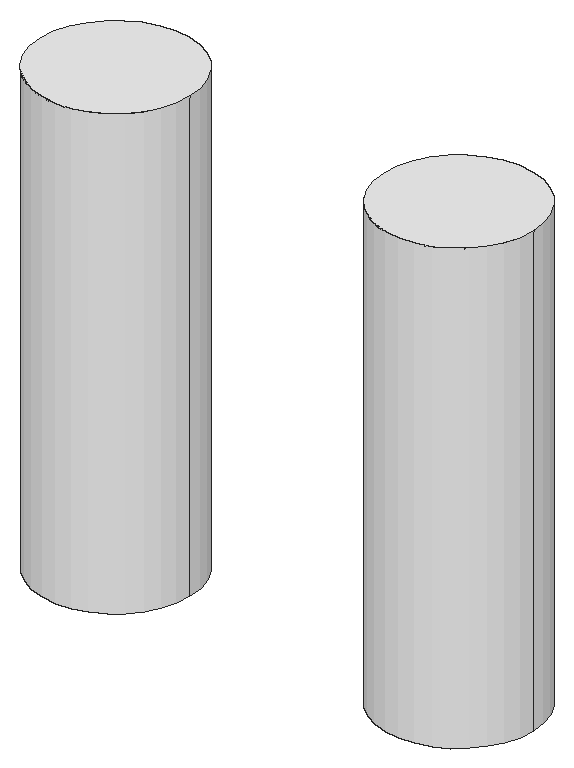
Revit family "55552203(2022)", category Plumbing Fixtures, Revit 2020
Family settings
  Round Connector Dimension = Use Diameter
  Part Type = Normal
  OmniClass Number = 23.45.55.00
  OmniClass Title = Sanitary Faucets, Wastes
  Work Plane-Based = No
  Always vertical = Yes
  Cut with Voids When Loaded = No
  Shared = No
  Room Calculation Point = No
Parameters (values of type "55552203 Washbasin faucet ")
  Working Pressure = "50 - 1000 kPa"
  WarrantyStartDate [instance] = "n/a"
  WarrantyGuarantorParts = "n/a"
  WarrantyGuarantorLabor = "n/a"
  WarrantyDurationUnit = "Year"
  WarrantyDurationParts = "n/a"
  WarrantyDurationLabor = "n/a"
  WarrantyDescription = "http://warranty.hansa.com"
  Warranty Information URL = "http://warranty.hansa.com"
  VersionDate = "01/06/2023"
  Version = "1"
  ValvePattern = "n/a"
  ValveOperation = "n/a"
  ValveMechanism = "n/a"
  Uniclass2015Reference = "Pr_40_20_87_96"
  Uniclass2015Description = "Washbasin manual water supply sets"
  Uniclass2 = "Pr_40_30_96_96"
  URL UWL = "http://static.hansa.com/UWL/55552203"
  URL REACH = "http://static.hansa.com/doc/reach"
  URL EcoLabel Declaration = "http://static.hansa.com/doc/EcoLabel"
  URL EU Packaging Declaration = "http://static.hansa.com/doc/packaging"
  URL Declaration of SCIP = "http://static.hansa.com/doc/SCIP"
  URL Declaration of Conformity = "http://static.hansa.com/DoC/55552203"
  URL Declaration of Asbestos = "http://static.hansa.com/doc/asbestos"
  URL Declaration Of Performance (DOP) = "http://static.hansa.com/doc/DoP"
  URL DVGW = "http://static.hansa.com/DVGW/55552203"
  URL ABP = "http://static.hansa.com/ABP/55552203"
  URL = ""
  UNSPSC Class Number = "30181700 Faucets or taps"
  Type Comments = ""
  TestPressure = "n/a"
  Technical DataSheet URL = "http://www.hansa.com/datasheet/55552203/en"
  TagNumber [instance] = "n/a"
  SustainabilityPerformance = "n/a"
  Surface treatment = "Chrome"
  Spout Type = "Fixed spout"
  Spout Swivel Range = "120°"
  Spout Projection = "150 mm"
  Spare-Part Information URL = "http://static.hansa.com/sp/55552203"
  Size = "100x190x255 mm"
  Shape = "Sculptured"
  SerialNumber [instance] = "n/a"
  Sales Package dimensions (LxWxH) = "360 x 270 x 85"
  Revision = "n/a"
  ReplacementCost = "n/a"
  ProductInformation = "n/a"
  Product URL = "http://static.hansa.com/55552203"
  Product Image URL = "http://static.hansa.com/image/55552203"
  Product Family = "5160 "
  Product Code = "55552203"
  OperatingMechanismMaterial = "n/a"
  NominalWidth = 104.389 mm
  NominalHeight = 252.037 mm
  NominalDepth = 187.067 mm
  Noise Class = "I (ISO 3822)"
  Name_en = "55552203 Washbasin faucet"
  Name = "55552203 Washbasin faucet"
  NBSReference = "45-35-70/371"
  NBSDescription = "Water supply fittings for wash basins and troughs"
  Mounting Holes = "1 hole"
  ModelReference = "55552203"
  ModelNumber = "n/a"
  Model = "55552203 Washbasin faucet"
  Mobile Product Information URL = "http://mpi.hansa.com/55552203"
  Mechanical Parts = "ø 35 mm ceramic cartridge for flow and temperature control"
  Max. Hot Water Supply = 70 °C
  Material = "Brass"
  Market = "Austria;Czech Republic;Germany;International;Italy;Slovakia"
  ManufacturerURL = "http://www.hansa.com"
  ManufacturerName = "HANSA"
  Manufacturer = "HANSA"
  Lever Handle = "Hot/Cold symbols;Single operating lever/handle"
  Keynote = ""
  Interactive AR View URL = "https://static.hansa.com/AR/55552203"
  InstallationDate [instance] = "n/a"
  Installation and Maintenance Guide URL = "http://static.hansa.com/manual/55552203"
  Installation Type = "Deck mounted"
  InletConnectionSize = 10 mm
  IfcExportType = "FAUCET"  # constant formula
  IfcExportAs = "IfcValveType"  # constant formula
  Group = "Washbasin faucet"
  Grade = "n/a"
  FlowCoefficient = 0
  Flow Rate At 300kPa With Flow Controller = 0.08 L/s
  Flow Drawing URL = "http://static.hansa.com/flowchart/55552203"
  Finish = "Polished"
  Features = "Single-lever, side operated"
  FaucetMainMaterial = Brass
  FDV Document URL = "http://www.hansa.com/datasheet/55552203/en/fdv"
  Extensions = "Pop-up waste with draw-rod"
  ExpectedLife = "n/a"
  ETIM Class Number = "EC011328 Washbasin mixing tap"
  EN Standard = "EN 817"
  EAN Number = "4057304019029"
  DurationUnit = "Year"
  Dimension Drawing URL = "http://static.hansa.com/dimdrw/55552203"
  Description = ""
  DefaultElevation [instance] = 900 mm
  Default Elevation = 0 mm
  Constituents = "n/a"
  Connection Size = "G3/8"
  Connection = "Flexible inlet pipes"
  Color = "Chrome"
  CodePerformance = "n/a"
  CloseOffRating = 0
  Category = "Washbasin"
  Catalog Drawing URL = "http://static.hansa.com/catdrw/55552203"
  Brand = "HANSA"
  BodyMaterial = "Brass"
  Barcode [instance] = "n/a"
  Backflow Prevention EN1717 = "AA"
  BIMObjectName = "55552203(2022)"
  Author = "BIMStone"
  AssetType = "Fixed"
  AssetIdentifier [instance] = "n/a"
  Approval DVGW = "DW-6506DO0165"
  Approval ABP = "PA-IX 10073/IO"
  Aerator = "PCA® - constant flow rate regardless of pressure variations"
  Advanced Features = "Rapid installation system"
  AccessibilityPerformance = "n/a"
  3D View = "https://static.hansa.com/AR/55552203"
  2D/3D/BIM Files URL = "http://static.hansa.com/bim/55552203"
Reference planes
  plane 1 "Center (Front/Back)": y = 0
  plane 2: z = 0
  plane 3 "Center (Left/Right)": x = 0
  plane 4: x = -25
  plane 5: z = 900
  plane 6: z = 870
  plane 7: y = -187.067
  plane 8: x = 25
  plane 9: z = 1152.037
  plane 10: x = 79.389
Forms (mm)
  Extrusion 1, solid, material "Brass" <- "FaucetMainMaterial"
    sketch origin (0, -2.393, 0) x (1, 0, 0) y (0, 1, 0)
      loop
        circle (-11.5, -22.5) r 5
      loop
        circle (11.5, -22.5) r 5
    from 870 to 900
Dimensions and locks
  "DefaultElevation": plane 5 to level
  locked: plane 5 to plane 6 at 30
  "NominalDepth": plane 7 to plane 1 "Center (Front/Back)"
  equal spacing: plane 4, plane 3 "Center (Left/Right)", plane 8
  "NominalHeight": plane 9 to plane 5
  locked: plane 8 to plane 10 at 54.389
  "NominalWidth": plane 4 to plane 10
  "InletConnectionSize": diameter of Extrusion 1 sketch curve  (x2)
  aligned and locked: level to plane 2
  aligned and locked: plane 5 to Extrusion 1
  aligned and locked: Extrusion 1 to plane 6
  aligned and locked: plane 1 "Center (Front/Back)" to nested 2
  aligned and locked: plane 3 "Center (Left/Right)" to nested 2
  aligned and locked: plane 3 "Center (Left/Right)" to nested 1
  aligned and locked: plane 1 "Center (Front/Back)" to nested 1
  aligned and locked: plane 5 to nested 2
Automatic sketch dimensions
  Extrusion 1 sketch curve to plane 3 "Center (Left/Right)" = 11.5 mm
  plane 3 "Center (Left/Right)" to Extrusion 1 sketch curve = 11.5 mm
  plane 1 "Center (Front/Back)" to Extrusion 1 sketch curve = 24.893 mm  (x2)
Nested families
  nested 1: "Symbol" at (0, 0, 0), type "Symbol", detail levels coarse
  nested 2: "55552203_Body" at (0, 0, 900), Material <- "FaucetMainMaterial", type "55552203_Body"
    with Material Brass
Connectors
  piping at (-11.5, -24.893, 870), diameter 10, driven by "InletConnectionSize"
    settings: on Extrusion 1, index 1, connector inside diameter 609.6 mm, connector length 0 mm, flow factor 0, pipe flow 0.08 L/s, pressure drop 0.0 Pa, fitting loss kfactor 0, connector angle 0.00°, fixture units 0, engagement length 0 mm, angle of deflection 0.00°, flow configuration 1, flow direction 1, fitting loss method 0, system type 19, joint type 0, gender type 0, connector reference index -1, connector utility 0, adjustable connector no, is connector primary yes, connector description ""
  piping at (11.5, -24.893, 870), diameter 10, driven by "InletConnectionSize"
    settings: on Extrusion 1, index 2, connector inside diameter 609.6 mm, connector length 0 mm, flow factor 0, pipe flow 0.08 L/s, pressure drop 0.0 Pa, fitting loss kfactor 0, connector angle 0.00°, fixture units 0, engagement length 0 mm, angle of deflection 0.00°, flow configuration 1, flow direction 1, fitting loss method 0, system type 20, joint type 0, gender type 0, connector reference index -1, connector utility 0, adjustable connector no, is connector primary no, connector description ""
Definition of nested family "Symbol"
  Reference planes
    plane 1: y = 0
    plane 2: x = 0
  Lines and regions (mm)
    detail lines
      curve 1: line (0, 0, 0) -> (0, -1.8, 0)
      curve 2: line (-0.4, -1.1, 0) -> (0.4, -1.1, 0)
      curve 3: line (-0.4, -1.4, 0) -> (0.4, -1.4, 0)
      curve 4: line (0.863, 0, 0) -> (-0.863, 0, 0)
      curve 5: circle (-1.163, 0, 0) r 0.3 normal (0, 0, -1)
      curve 6: circle (1.163, 0, 0) r 0.3 normal (0, 0, 1)
